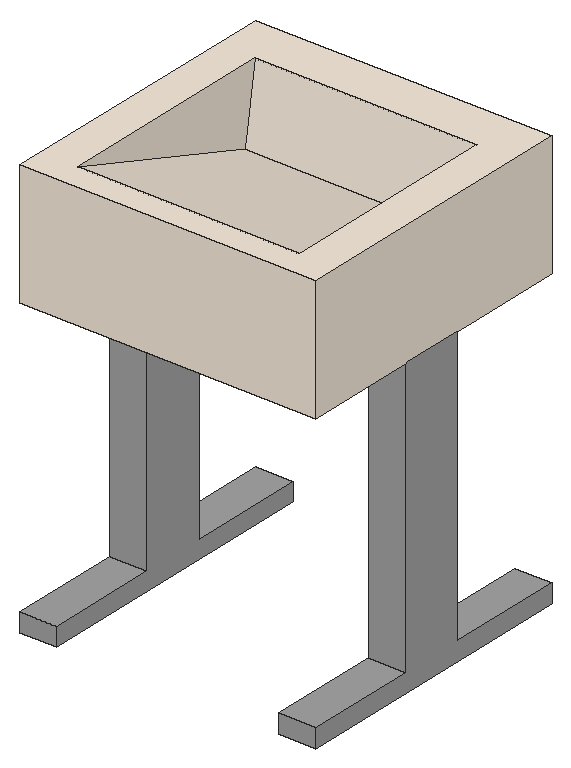
Revit family
Parameters (values of type "Shredder")
  Material Legs = Plastic - Gray, Dark
  Material Body = Plastic - White
  Keynote = "N"
  Assembly Code = "E1010800"
Reference planes
  plane 1 "Center F/B": y = -42.439
  plane 2: z = 0
  plane 3 "Center L/R": x = 33.894
  plane 4: x = -270.906
  plane 5: x = 338.694
  plane 6: y = 262.361
  plane 7: y = -347.239
  plane 8: x = -194.706
  plane 9: x = 262.494
Forms (mm)
  Extrusion 1, solid, material "Plastic - Gray, Dark" <- "Material Legs"
    sketch origin (0, 0, 0) x (1, 0, 0) y (0, 1, 0)
      loop
        line (-270.906, -347.239) -> (-194.706, -347.239) -> (-194.706, 262.361) -> (-270.906, 262.361) -> (-270.906, -347.239)
      loop
        line (262.494, -347.239) -> (338.694, -347.239) -> (338.694, 262.361) -> (262.494, 262.361) -> (262.494, -347.239)
    from 0 to 38.1
  Extrusion 2, solid, material "Plastic - White" <- "Material Body"
    sketch origin (0, 0, 0) x (1, 0, 0) y (0, 1, 0)
      loop
        line (-270.906, 262.361) -> (-270.906, -347.239) -> (338.694, -347.239) -> (338.694, 262.361) -> (-270.906, 262.361)
    from 609.6 to 863.6
  Extrusion 3, solid, material "Plastic - Gray, Dark" <- "Material Legs"
    sketch origin (0, 0, 0) x (1, 0, 0) y (0, 1, 0)
      loop
        line (-270.906, 18.167) -> (-270.906, -114.786) -> (-194.706, -114.786) -> (-194.706, 18.167) -> (-270.906, 18.167)
      loop
        line (262.494, 18.167) -> (262.494, -114.786) -> (338.694, -114.786) -> (338.694, 18.167) -> (262.494, 18.167)
    from 38.1 to 609.6
  Extrusion 4, void
    sketch origin (33.894, 0, 0) x (0, 1, 0) y (0, 0, 1)
      loop
        line (-292.586, 863.6) -> (137.041, 707.228) -> (164.614, 863.6) -> (-292.586, 863.6)
    from -228.6 to 228.6
Cuts and joins
  Extrusion 4 cuts Extrusion 2
  Extrusion 4 cuts Extrusion 1
  Extrusion 4 cuts Extrusion 3
  joined: Extrusion 1, Extrusion 3
Lines and regions (mm)
  Masking region 1
    outline origin (0, 0, 0) x (1, 0, 0) y (0, 1, 0)
      loop
        line (-270.906, 262.361) -> (-270.906, -347.239) -> (338.694, -347.239) -> (338.694, 262.361) -> (-270.906, 262.361)
  symbolic lines
    curve 1: line (-270.906, 262.361, 0) -> (-270.906, -347.239, 0)
    curve 2: line (338.694, 262.361, 0) -> (-270.906, 262.361, 0)
    curve 3: line (338.694, -347.239, 0) -> (338.694, 262.361, 0)
    curve 4: line (-270.906, -347.239, 0) -> (338.694, -347.239, 0)
    curve 5: line (262.494, -292.586, 0) -> (-194.706, -292.586, 0)
    curve 6: line (-194.706, 164.614, 0) -> (-194.706, -292.586, 0)
    curve 7: line (262.494, -292.586, 0) -> (262.494, 164.614, 0)
    curve 8: line (-194.706, 164.614, 0) -> (262.494, 164.614, 0)
    curve 9: line (262.494, 137.041, 0) -> (-194.706, 137.041, 0)
Dimensions and locks
  equal spacing: plane 7, plane 1 "Center F/B", plane 6
  equal spacing: plane 4, plane 3 "Center L/R", plane 5
  locked: plane 4 to plane 8 at 76.2
  locked: plane 9 to plane 5 at 76.2
  aligned: Masking region 1 sketch curve to cut or joined group of Extrusion 2, Extrusion 4  (x3)
  aligned: cut or joined group of Extrusion 2, Extrusion 4 to Masking region 1 sketch curve
Automatic sketch dimensions
  Masking region 1 sketch curve to plane 4 = 0 mm
  Masking region 1 sketch curve to plane 5 = 0 mm
  Masking region 1 sketch curve to plane 7 = 0 mm
  Masking region 1 sketch curve to plane 6 = 0 mm
